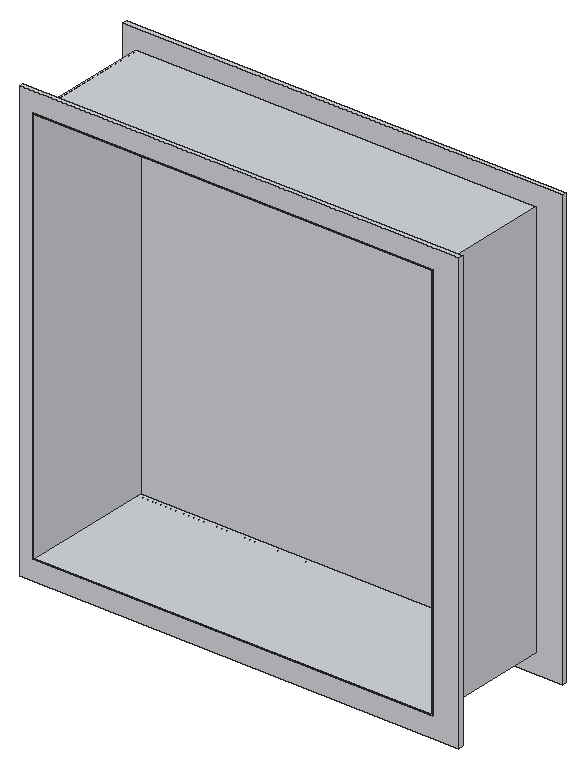
Revit family "НЕВАТОМ_Клапан KD-120-AxB-F2-SN-MN-24(220)-04", category Арматура воздуховодов, Revit 2017
Family settings
  Размер круглого соединителя = Использовать диаметр
  Тип детали = Вставляется
  На основе рабочей плоскости = Нет
  Всегда вертикально = Да
  При загрузке вырезать с полостями = Нет
  Общий = Нет
Parameters (values of type "НЕВАТОМ_Клапан KD-120-AxB-F2-SN-MN-24(220)-04")
  а [instance] = A - 2 mm  # 598 mm
  Постоянная ширина [instance] = 200 mm
  НЕВАТОМ_Потребляемая мощность привода = if(and(not(ADSK_Напряжение > 220 V), not(ADSK_Напряжение < 220 V)), 30 W, if(and(not(ADSK_Напряжение > 24 V), not(ADSK_Напряжение < 24 V)), 90 W, 0 W))  # 30 W
  НЕВАТОМ_URL [instance] = "https://t.me/NEVATOM_Bim_bot"
  Клапан = "НЕВАТОМ_Клапан KD-120-AxB-F2-SN-MN-24(220)-04"  # constant formula
  Неватом_открытое положение заслонки [instance] = no
  Неватом_закрытое положение заслонки [instance] = and(not(Неватом_открытое положение заслонки))  # yes
  Выбор напряжения = if(U24, 1 mm, 0 mm)  # 0 mm
  t фланца = 2.5 mm
  t корпуса = 220 mm - 2.5 mm  # 217.5 mm
  h прохода = 220 mm - 5 mm  # 215 mm
  b [instance] = B - 2 mm  # 598 mm
  U24 = no
  U220 = and(not(U24))  # yes
  B2 [instance] = if(and(A + B < 1001 mm), B + 45 mm, if(and(A + B > 1001 mm), B + 60 mm, 0 mm))  # 660 mm
  B [instance] = 600 mm
  ADSK_Ток = 3 A  # constant formula
  ADSK_Расход воздуха [instance] = 0.0 m³/h
  ADSK_Размер_Ширина [instance] = A  # 600 mm
  ADSK_Размер_Высота [instance] = B  # 600 mm
  ADSK_Предел огнестойкости = "120"  # constant formula
  ADSK_Полная мощность = 30 VA  # constant formula
  ADSK_Обозначение = ""
  ADSK_Номинальная мощность = ADSK_Полная мощность * ADSK_Коэффициент мощности  # 30 W
  ADSK_Напряжение = if(U24, 24 V, 220 V)  # 220 V
  ADSK_Наименование [instance] = "Клапан дымоудаления канальный"  # constant formula
  ADSK_Масса [instance] = size_lookup(Клапан, "N", 0, A, B, Выбор напряжения)  # 13.9
  ADSK_Марка [instance] = size_lookup(Клапан, "", "нестандартное исполнение", A, B, Выбор напряжения)  # "KD-120-600x600-F2-SN-MN-220"
  ADSK_Коэффициент мощности = 1  # constant formula
  ADSK_Количество = 1  # constant formula
  ADSK_Код изделия = ""
  ADSK_Зона = ""
  ADSK_Завод-изготовитель = "НЕВАТОМ"  # constant formula
  ADSK_Единица измерения = "шт."  # constant formula
  A2 [instance] = if(and(A + B < 1001 mm), A + 45 mm, if(and(A + B > 1001 mm), A + 60 mm, 0 mm))  # 660 mm
  A [instance] = 600 mm
Reference planes
  plane 1 "По центру (Вперед/Назад)": y = 0
  plane 2: z = 0
  plane 3 "По центру (Влево/Вправо)": x = 0
  plane 4: y = -200
  plane 5: z = 330
  plane 6: z = -330
  plane 7: x = -1855.53
  plane 8: x = -1195.53
  plane 9: x = -1835.53
  plane 10: x = -1235.53
  plane 11: z = 300
  plane 12: z = -300
  plane 13 "заслонка": y = 570
  plane 14: y = -200
Forms (mm)
  Extrusion 1, solid, detail levels medium+fine
    sketch origin (0, 0, 0) x (1, 0, 0) y (0, 0, 1)
      loop
        line (-1835.53, 300) -> (-1835.53, -300) -> (-1235.53, -300) -> (-1235.53, 300) -> (-1835.53, 300)
      loop
        line (-1834.53, 299) -> (-1834.53, -299.108) -> (-1236.7, -299.108) -> (-1236.7, 299) -> (-1834.53, 299)
    from 0 to 200
  Extrusion 2, solid, visible <- "Неватом_закрытое положение заслонки", detail levels medium+fine
    sketch origin (0, 0, 0) x (0, 1, 0) y (0, 0, 1)
      loop
        line (0, 300) -> (0, -300) -> (1.324, -300) -> (1.324, 300) -> (0, 300)
    from -1835.53 to -1235.53
  Extrusion 3, solid, detail levels medium+fine
    sketch origin (0, 193.784, 0) x (1, 0, 0) y (0, 0, 1)
      loop
        line (-1855.53, 330) -> (-1855.53, -330) -> (-1195.53, -330) -> (-1195.53, 330) -> (-1855.53, 330)
      loop
        line (-1835.53, 300) -> (-1835.53, -300) -> (-1235.53, -300) -> (-1235.53, 300) -> (-1835.53, 300)
    from 193.784 to 200
  Extrusion 4, solid, detail levels medium+fine
    sketch origin (0, 0, 0) x (1, 0, 0) y (0, 0, 1)
      loop
        line (-1855.53, 330) -> (-1855.53, -330) -> (-1195.53, -330) -> (-1195.53, 330) -> (-1855.53, 330)
      loop
        line (-1835.53, 300) -> (-1835.53, -300) -> (-1235.53, -300) -> (-1235.53, 300) -> (-1835.53, 300)
    from 193.784 to 200
Dimensions and locks
  equal spacing: plane 5, level, plane 6
  equal spacing: plane 11, level, plane 12
  "A2": plane 8 to plane 7
  "A": plane 10 to plane 9
  "B2": plane 5 to plane 6
  "B": plane 11 to plane 12
  "Постоянная ширина": plane 1 "По центру (Вперед/Назад)" to plane 4
  plane 9 to plane 10 = 600 mm
  Extrusion 1 to Extrusion 2 sketch curve = 1.324 mm
  locked: Extrusion 2 to Extrusion 2 at 1.324
  locked: Extrusion 3 to Extrusion 3 at 6.216
  locked: Extrusion 4 to Extrusion 4 at 6.216
  aligned and locked: level to plane 2
  aligned and locked: Extrusion 1 sketch curve to plane 11
  aligned and locked: plane 9 to Extrusion 1 sketch curve
  aligned and locked: Extrusion 1 sketch curve to plane 10
  aligned and locked: plane 12 to Extrusion 1 sketch curve
  aligned and locked: Extrusion 1 to plane 4
  aligned and locked: Extrusion 1 to plane 1 "По центру (Вперед/Назад)"
  aligned and locked: plane 4 to plane 14
  aligned and locked: plane 12 to Extrusion 2 sketch curve
  aligned and locked: Extrusion 2 sketch curve to plane 11
  aligned and locked: plane 1 "По центру (Вперед/Назад)" to Extrusion 2
  aligned and locked: Extrusion 2 to plane 9
  aligned and locked: plane 10 to Extrusion 2
  aligned and locked: Extrusion 3 to plane 1 "По центру (Вперед/Назад)"
  aligned and locked: Extrusion 3 to plane 7
  aligned and locked: plane 8 to Extrusion 3
  aligned and locked: plane 10 to nested 1
  aligned and locked: Extrusion 4 to plane 4
  aligned and locked: Extrusion 4 to plane 7
  aligned and locked: plane 8 to Extrusion 4
  aligned and locked: plane 10 to Extrusion 1
  aligned and locked: Extrusion 1 to plane 9
  aligned and locked: plane 9 to nested 2
Automatic sketch dimensions
  plane 9 to Extrusion 1 sketch curve = 1 mm
  Extrusion 1 sketch curve to plane 10 = 1.17 mm
  plane 12 to Extrusion 1 sketch curve = 0.892 mm
  Extrusion 1 sketch curve to plane 11 = 1 mm
  Extrusion 2 sketch curve to plane 1 "По центру (Вперед/Назад)" = 0 mm
  Extrusion 3 sketch curve to plane 6 = 0 mm
  Extrusion 3 sketch curve to plane 7 = 0 mm
  Extrusion 3 sketch curve to plane 9 = 0 mm
  Extrusion 3 sketch curve to plane 10 = 0 mm
  Extrusion 3 sketch curve to plane 5 = 0 mm
  Extrusion 3 sketch curve to plane 8 = 0 mm
  Extrusion 3 sketch curve to plane 12 = 0 mm
  Extrusion 3 sketch curve to plane 11 = 0 mm
  Extrusion 4 sketch curve to plane 6 = 0 mm
  Extrusion 4 sketch curve to plane 7 = 0 mm
  Extrusion 4 sketch curve to plane 9 = 0 mm
  Extrusion 4 sketch curve to plane 10 = 0 mm
  Extrusion 4 sketch curve to plane 5 = 0 mm
  Extrusion 4 sketch curve to plane 8 = 0 mm
  Extrusion 4 sketch curve to plane 12 = 0 mm
  Extrusion 4 sketch curve to plane 11 = 0 mm
Nested families
  nested 1: "Семейство1" at (-1535.53, -93.784, 0), visible <- "Неватом_открытое положение заслонки", a <- "A", b <- "B", type "Семейство1"
    with b 600 mm, a 600 mm
  nested 2: "НЕВАТОМ_УГО_Клапан KD" at (-1535.53, -100, 0) x (-1, 0, 0) z (0, 0, 1), Ширина клапана <- "ADSK_Размер_Ширина", Толщина клапана <- "Постоянная ширина", type "НЕВАТОМ_УГО_Клапан KD"
    with Ширина клапана 600 mm, Толщина клапана 200 mm
  nested 3: "НЕВАТОМ_Привод Tasa_Sasa" at (-1866.652, -100, 1) x (0, 1, 0) z (-1, 0, 0), type "Привод TASA/SASA", detail levels medium+fine
Connectors
  hvac at (-1535.53, 0, 0), driven by "B", driven by "A", driven by "ADSK_Расход воздуха"
    settings: on Extrusion 1, index 1, duct flow 0.0 m³/h, flow factor 0, pres drop 0.0 Pa, loss coef 0, conn angle 0.00°, conn width 600 mm, conn height 600 mm, conn diameter 609.6 mm, duct sys type 29, conn prof type 1, flow config 0, flow direction 0, loss method 0, conn ref index 2, conn util no, is conn primary yes, conn desc ""
  hvac at (-1535.615, -200, -0.054), driven by "B", driven by "A", driven by "ADSK_Расход воздуха"
    settings: on Extrusion 1, index 2, duct flow 0.0 m³/h, flow factor 0, pres drop 0.0 Pa, loss coef 0, conn angle 0.00°, conn width 600 mm, conn height 600 mm, conn diameter 609.6 mm, duct sys type 29, conn prof type 1, flow config 0, flow direction 0, loss method 0, conn ref index 1, conn util no, is conn primary no, conn desc ""
  electrical at (-1835.53, -100, 0), driven by "ADSK_Напряжение", driven by "ADSK_Полная мощность"
    settings: on Extrusion 1, index 3, voltage 220 V, apparent load 0 VA, apparent load phase1 30 VA, apparent load phase2 0 VA, apparent load phase3 0 VA, power factor 1, load classification "Прочее", number of poles 1, system type 31, power factor state 1, is connector primary yes, connector utility no, sub classification motor no, connector description ""
Definition of nested family "Семейство1"
  Parameters (values of type "Семейство1")
    b [instance] = 800 mm
    a [instance] = 800 mm
  Reference planes
    plane 1 "По центру (Вперед/Назад)": y = 0
    plane 2: z = 0
    plane 3 "По центру (Влево/Вправо)": x = 0
    plane 4: y = 400
    plane 5: y = -400
    plane 6: x = -400
    plane 7: x = 400
  Forms (mm)
    Extrusion 1, solid
      sketch origin (0, 0, 0) x (1, 0, 0) y (0, 1, 0)
        loop
          line (-400, 400) -> (-400, -400) -> (400, -400) -> (400, 400) -> (-400, 400)
      from 0 to 3.086
  Dimensions and locks
    equal spacing: plane 6, plane 3 "По центру (Влево/Вправо)", plane 7
    equal spacing: plane 4, plane 1 "По центру (Вперед/Назад)", plane 5
    "b": plane 4 to plane 5
    "a": plane 6 to plane 7
    locked: Extrusion 1 to Extrusion 1 at 3.086  (x2)
    aligned and locked: level to plane 2
    aligned and locked: Extrusion 1 sketch curve to plane 7
    aligned and locked: Extrusion 1 sketch curve to plane 4
    aligned and locked: plane 6 to Extrusion 1 sketch curve
    aligned and locked: plane 5 to Extrusion 1 sketch curve
Definition of nested family "НЕВАТОМ_УГО_Клапан KD"
  Parameters (values of type "НЕВАТОМ_УГО_Клапан KD")
    Ширина косой линии УГО = 150 mm
    Ширина клапана [instance] = 200 mm
    Толщина клапана [instance] = 120 mm
  Reference planes
    plane 1 "По центру (Вперед/Назад)": y = 0
    plane 2: z = 0
    plane 3 "По центру (Влево/Вправо)": x = 0
    plane 4: x = -100
    plane 5: x = 100
    plane 6: y = 60
    plane 7: y = -60
  Lines and regions (mm)
    symbolic lines, not visible
      curve 1: line (-77.5, 60, 0) -> (-77.5, -60, 0)
      curve 2: line (-22.5, 60, 0) -> (-22.5, -60, 0)
      curve 6: line (-50, 60, 0) -> (-50, -60, 0)
    model lines, not visible, detail levels coarse
      curve 3: line (-77.5, -60, 0) -> (-61.458, -24.999, 0)
      curve 4: circle (-50, 0, 0) r 27.5 normal (0, 0, 1)
      curve 5: line (-38.542, 24.999, 0) -> (-22.5, 60, 0)
    model lines, detail levels coarse+medium
      curve 7: line (-100, 60, 0) -> (100, 60, 0)
      curve 8: line (-100, -60, 0) -> (-100, 60, 0)
      curve 9: line (100, -60, 0) -> (-100, -60, 0)
      curve 10: line (100, 60, 0) -> (100, -60, 0)
  Dimensions and locks
    equal spacing: plane 7, plane 1 "По центру (Вперед/Назад)", plane 6
    "Толщина клапана": plane 7 to plane 6
    equal spacing: plane 4, plane 3 "По центру (Влево/Вправо)", plane 5
    "Ширина клапана": plane 4 to plane 5
    aligned and locked: level to plane 2
    aligned and locked: curve 7 to plane 6
    aligned and locked: plane 4 to curve 8
    aligned and locked: curve 9 to plane 7
    aligned and locked: curve 10 to plane 5
    aligned and locked: plane 1 "По центру (Вперед/Назад)" to nested 2
    aligned and locked: plane 3 "По центру (Влево/Вправо)" to nested 2
  Automatic sketch dimensions
    curve 3 to curve 4 = 27.5 mm
    curve 1 to curve 5 = 55 mm
    curve 3 to curve 4 = 60 mm
    curve 4 to curve 5 = 60 mm
    curve 3 to curve 4 = 11.458 mm
    curve 6 to curve 2 = 27.5 mm
    curve 4 to curve 5 = 11.458 mm
    curve 3 to curve 2 = 0 mm
    curve 6 to curve 2 = 0 mm  (x2)
    curve 3 to curve 4 = 24.999 mm
    curve 1 to curve 6 = 0 mm
  Nested families
    nested 1: "РОВЕН_ЛинияДляЗаливкиУГО" at (-50, -0.543, 0), type "РОВЕН_ЛинияДляЗаливкиУГО", not visible
      with l 156.205 mm
    nested 2: "РОВЕН_УгоКлапанДМУ2D" at (0, 0, 0), Толщина клапана <- "Толщина клапана", Ширина клапана <- "Ширина клапана", type "РОВЕН_УгоКлапанДМУ2D", detail levels coarse+medium
      with Ширина клапана 200 mm, Толщина клапана 120 mm
  Definition of nested family "РОВЕН_УгоКлапанДМУ2D"
    Parameters (values of type "РОВЕН_УгоКлапанДМУ2D")
      Ширина клапана [instance] = 250 mm
      Толщина клапана [instance] = 120 mm
      Отступ для УГО = 60 mm
      Материал = none
    Reference planes
      plane 1 "По центру (Вперед/Назад)": y = 0
      plane 2: z = 0
      plane 3 "По центру (Влево/Вправо)": x = 0
      plane 4: x = -125
      plane 5: x = 125
      plane 6: y = 60
      plane 7: y = -60
      plane 8: x = -65
      plane 9: x = 65
      plane 10: z = 1
    Forms (mm)
      Extrusion 1, solid, material <- "Материал"
        sketch origin (0, 0, 0) x (1, 0, 0) y (0, 1, 0)
          loop
            line (-125, 60) -> (-125, -60) -> (125, -60) -> (-125, 60)
        from 0 to 1
    Lines and regions (mm)
      symbolic lines, not visible
        curve 1: line (-77.5, 60, 0) -> (-77.5, -60, 0)
        curve 2: line (-22.5, 60, 0) -> (-22.5, -60, 0)
        curve 6: line (-50, 60, 0) -> (-50, -60, 0)
      model lines, not visible, detail levels coarse
        curve 3: line (-77.5, -60, 0) -> (-61.458, -24.999, 0)
        curve 4: circle (-50, 0, 0) r 27.5 normal (0, 0, 1)
        curve 5: line (-38.542, 24.999, 0) -> (-22.5, 60, 0)
      model lines, not visible, detail levels coarse+medium
        curve 7: line (-125, 60, 0) -> (125, 60, 0)
        curve 8: line (-125, -60, 0) -> (-125, 60, 0)
        curve 9: line (125, -60, 0) -> (-125, -60, 0)
        curve 10: line (125, 60, 0) -> (125, -60, 0)
    Dimensions and locks
      equal spacing: plane 7, plane 1 "По центру (Вперед/Назад)", plane 6
      "Толщина клапана": plane 7 to plane 6
      equal spacing: plane 4, plane 3 "По центру (Влево/Вправо)", plane 5
      "Ширина клапана": plane 4 to plane 5
      "Отступ для УГО": plane 4 to plane 8
      "Отступ для УГО": plane 9 to plane 5
      locked: plane 10 to plane 2 at 1
      aligned and locked: level to plane 2
      aligned and locked: curve 10 to plane 5
      aligned and locked: Extrusion 1 sketch curve to plane 4
      aligned and locked: plane 7 to Extrusion 1 sketch curve  (x2)
      aligned and locked: plane 6 to Extrusion 1 sketch curve
      aligned and locked: plane 5 to Extrusion 1 sketch curve
      aligned and locked: plane 10 to Extrusion 1
    Automatic sketch dimensions
      curve 3 to curve 4 = 27.5 mm
      curve 1 to curve 5 = 55 mm
      curve 3 to curve 4 = 60 mm
      curve 4 to curve 5 = 60 mm
      curve 3 to curve 4 = 11.458 mm
      curve 6 to curve 2 = 27.5 mm
      curve 4 to curve 5 = 11.458 mm
      curve 3 to curve 2 = 0 mm
      curve 6 to curve 2 = 0 mm  (x2)
      curve 3 to curve 4 = 24.999 mm
      curve 1 to curve 6 = 0 mm
      curve 7 to plane 4 = 0 mm
      curve 8 to plane 6 = 0 mm
      plane 7 to curve 9 = 0 mm
    Nested families
      nested 1: "РОВЕН_ЛинияДляЗаливкиУГО" at (-50, -0.543, 0), type "РОВЕН_ЛинияДляЗаливкиУГО", not visible
        with l 150 mm
    Definition of nested family "РОВЕН_ЛинияДляЗаливкиУГО"
      Parameters (values of type "РОВЕН_ЛинияДляЗаливкиУГО")
        l = 60 mm
      Reference planes
        plane 1 "По центру (Вперед/Назад)": y = 0
        plane 2: z = 0
        plane 3 "По центру (Влево/Вправо)": x = 0
        plane 4: y = 60
      Lines and regions (mm)
        model lines, detail levels coarse+medium
          curve 1: line (0, 0, 0) -> (0, 60, 0)
      Dimensions and locks
        "l": plane 1 "По центру (Вперед/Назад)" to plane 4
        aligned and locked: level to plane 2
        aligned and locked: plane 4 to curve 1
        aligned and locked: plane 1 "По центру (Вперед/Назад)" to curve 1
        aligned and locked: plane 3 "По центру (Влево/Вправо)" to curve 1
  Definition of nested family "РОВЕН_ЛинияДляЗаливкиУГО"
    Parameters (values of type "РОВЕН_ЛинияДляЗаливкиУГО")
      l = 60 mm
    Reference planes
      plane 1 "По центру (Вперед/Назад)": y = 0
      plane 2: z = 0
      plane 3 "По центру (Влево/Вправо)": x = 0
      plane 4: y = 60
    Lines and regions (mm)
      model lines, detail levels coarse+medium
        curve 1: line (0, 0, 0) -> (0, 60, 0)
    Dimensions and locks
      "l": plane 1 "По центру (Вперед/Назад)" to plane 4
      aligned and locked: level to plane 2
      aligned and locked: plane 4 to curve 1
      aligned and locked: plane 1 "По центру (Вперед/Назад)" to curve 1
      aligned and locked: plane 3 "По центру (Влево/Вправо)" to curve 1
Definition of nested family "НЕВАТОМ_Привод Tasa_Sasa"
  Parameters (values of type "Привод TASA/SASA")
    ADSK_Этаж = ""
    ADSK_Предел огнестойкости = ""
    ADSK_Позиция = ""
    ADSK_Обозначение = ""
    ADSK_Наименование = "Привод TASA/SASA"  # constant formula
    ADSK_Марка = ""
    ADSK_Количество = 0
    ADSK_Код изделия = ""
    ADSK_Зона = ""
    ADSK_Единица измерения = ""
  Reference planes
    plane 1 "По центру (Вперед/Назад)": y = 0
    plane 2: z = 0
    plane 3 "По центру (Влево/Вправо)": x = 0
  Dimensions and locks
    aligned and locked: level to plane 2
